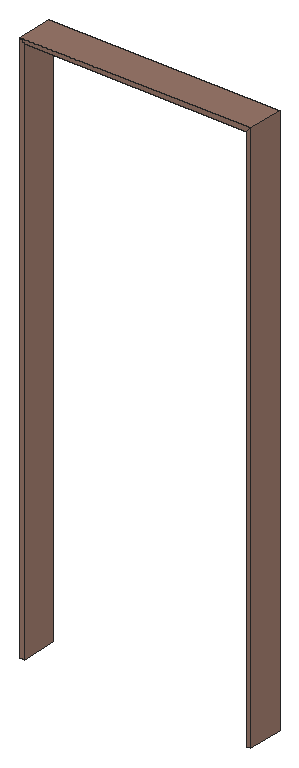
Revit family
Parameters (values of type "화장실Open'g")
  프레임 재료 = 문 - 프레임
  Assembly Code = ""
  높이 = 2400 mm
  자르기 두께 = 20 mm
  자르기 폭 = 75 mm
  폭 = 1000 mm
Reference planes
  plane 1: y = 0
  plane 2 "중심(왼쪽/오른쪽)": x = -8.189
  plane 3 "오른쪽": x = 491.811
  plane 4 "좌측면": x = -508.189
  plane 5 "상단": z = 2400
  plane 6: y = 96.2
  plane 7: y = -96.2
Forms (mm)
  Sweep 1, solid, material "문 - 프레임" <- "프레임 재료", detail levels medium+fine
    path in 3D
      loop
        line (491.811, 76.2, 0) -> (491.811, 76.2, 2400) -> (-508.189, 76.2, 2400) -> (-508.189, 76.2, 0)
    profile origin (372.811, 0, 1200) x (0, 1, 0) y (-1, 0, 0)
      loop
        line (76.2, -118.05) -> (76.2, -99) -> (-76.2, -99) -> (-76.2, -118.05) -> (76.2, -118.05)
Lines and regions (mm)
  Opening 1
    outline origin (-1524, -76.2, 0) x (1, 0, 0) y (0, 0, 1)
      loop
        line (2015.811, 2400) -> (1015.811, 2400) -> (1015.811, 0) -> (2015.811, 0) -> (2015.811, 2400)
  symbolic lines, style "오버헤드"
    curve 1: line (-508.189, 76.2, 0) -> (491.811, 76.2, 0)
    curve 2: line (-508.189, -76.2, 0) -> (491.811, -76.2, 0)
  sketch lines
    curve 3: line (491.811, 76.2, 0) -> (491.811, 76.2, 2400)
    curve 4: line (491.811, 76.2, 2400) -> (-508.189, 76.2, 2400)
    curve 5: line (-508.189, 76.2, 2400) -> (-508.189, 76.2, 0)
  symbolic lines, style "GenericModel", detail levels medium+fine
    curve 6: line (-488.189, 76.2, 0) -> (-488.189, -76.2, 0)
    curve 7: line (471.811, 76.2, 0) -> (471.811, -76.2, 0)
Text (mm)
  text "측면 배치" at (0, 1019.848, 3124.603), in view "오른쪽"
  text "측면 배치" at (-1787.662, 1269.283, 0), in view "참조 레벨"
  text "측면 배치" at (0, 1504.039, 2975.729), in view "좌측면"
Dimensions and locks
  "폭": plane 4 "좌측면" to plane 3 "오른쪽"
  equal spacing: plane 4 "좌측면", plane 2 "중심(왼쪽/오른쪽)", plane 3 "오른쪽"
  "높이": host wall to plane 5 "상단"
  "자르기 두께": Sweep 1 sketch curve to plane 3 "오른쪽"
  "자르기 두께": host wall to plane 6
  "자르기 두께": plane 7 to host wall
  aligned and locked: plane 3 "오른쪽" to Opening 1 sketch curve
  aligned and locked: Opening 1 sketch curve to plane 5 "상단"
  aligned and locked: level to Opening 1 sketch curve
  aligned and locked: Opening 1 sketch curve to plane 4 "좌측면"
  aligned and locked: host wall to Sweep 1 sketch curve  (x2)
  aligned and locked: host wall to curve 2
  aligned and locked: curve 1 to host wall
Automatic sketch dimensions
  Sweep 1 sketch curve to Sweep 1 sketch curve = 19.05 mm
  curve 2 to plane 4 "좌측면" = 0 mm
  curve 1 to plane 4 "좌측면" = 0 mm
  curve 1 to plane 3 "오른쪽" = 0 mm
  curve 2 to plane 3 "오른쪽" = 0 mm
  curve 7 to plane 3 "오른쪽" = 20 mm
  plane 4 "좌측면" to curve 6 = 20 mm
